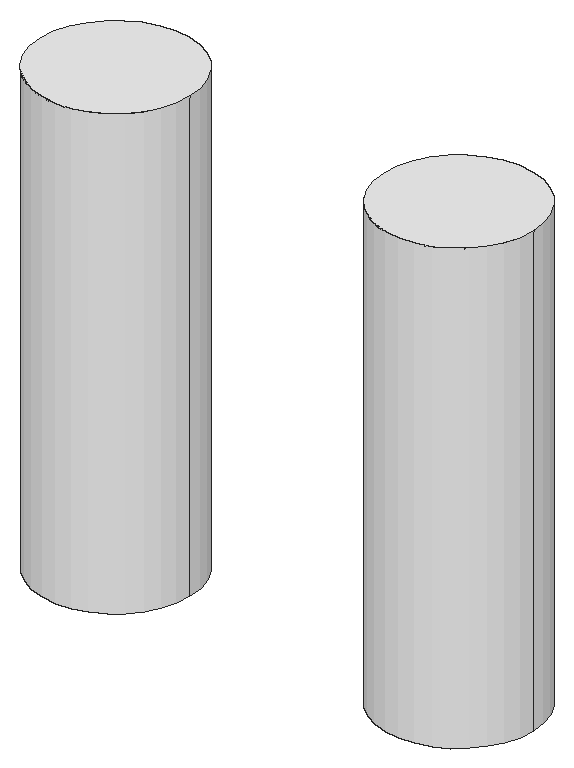
Revit family "090522830005(2022)", category Plumbing Fixtures, Revit 2020
Family settings
  Round Connector Dimension = Use Diameter
  Part Type = Normal
  OmniClass Number = 23.45.55.00
  OmniClass Title = Sanitary Faucets, Wastes
  Work Plane-Based = No
  Always vertical = Yes
  Cut with Voids When Loaded = No
  Shared = No
  Room Calculation Point = No
Parameters (values of type "090522830005 Washbasin faucet")
  Working Pressure = "50 - 1000 kPa"
  WarrantyStartDate [instance] = "n/a"
  WarrantyGuarantorParts = "n/a"
  WarrantyGuarantorLabor = "n/a"
  WarrantyDurationUnit = "Year"
  WarrantyDurationParts = "n/a"
  WarrantyDurationLabor = "n/a"
  WarrantyDescription = "http://warranty.hansa.com"
  Warranty Information URL = "http://warranty.hansa.com"
  VersionDate = "01/06/2023"
  Version = "1"
  ValvePattern = "n/a"
  ValveOperation = "n/a"
  ValveMechanism = "n/a"
  Uniclass2015Reference = "Pr_40_20_87_96"
  Uniclass2015Description = "Washbasin manual water supply sets"
  Uniclass2 = "Pr_40_30_96_96"
  URL UWL = "http://static.hansa.com/UWL/090522830005"
  URL REACH = "http://static.hansa.com/doc/reach"
  URL Materials Declaration = "http://www.hansa.com/fileadmin/resources/166358_090522830005_materialsdeclaration.pdf"
  URL KIWA = "http://static.hansa.com/Kiwa/090522830005"
  URL Environmental Product Declaration EPD = "http://www.hansa.com/fileadmin/resources/184523_EPD_Washbasin faucet.pdf"
  URL EcoLabel Declaration = "http://static.hansa.com/doc/EcoLabel"
  URL EU Packaging Declaration = "http://static.hansa.com/doc/packaging"
  URL Declaration of SCIP = "http://static.hansa.com/doc/SCIP"
  URL Declaration of Conformity = "http://static.hansa.com/DoC/090522830005"
  URL Declaration of Asbestos = "http://static.hansa.com/doc/asbestos"
  URL Declaration Of Performance (DOP) = "http://static.hansa.com/doc/DoP"
  URL DVGW = "http://static.hansa.com/DVGW/090522830005"
  URL = ""
  UNSPSC Class Number = "30181700 Faucets or taps"
  TestPressure = "n/a"
  Temperature Adjustments = "Limitation option for maximum temperature and flow-rate ;Adjustable hot water stop (included, retrofittable)"
  Technical DataSheet URL = "http://www.hansa.com/datasheet/090522830005/en"
  TagNumber [instance] = "n/a"
  SustainabilityPerformance = "n/a"
  Surface treatment = "Chrome"
  Spout Type = "Fixed spout"
  Spout Projection = "121 mm"
  Spare-Part Information URL = "http://static.hansa.com/sp/090522830005"
  Size = "50x155x145 mm"
  Shape = "Sculptured"
  SerialNumber [instance] = "n/a"
  Sales Package dimensions (LxWxH) = "380 x 180 x 74"
  Revision = "n/a"
  ReplacementCost = "n/a"
  ProductInformation = "n/a"
  Product URL = "http://static.hansa.com/090522830005"
  Product Image URL = "http://static.hansa.com/image/090522830005"
  Product Family = "HANSATWIST Eco"
  Product Code = "090522830005"
  OperatingMechanismMaterial = "n/a"
  NominalWidth = 48.471 mm
  NominalHeight = 142.775 mm
  NominalDepth = 156.697 mm
  Noise Class = "I (ISO 3822)"
  Name_en = "090522830005 Washbasin faucet"
  Name = "090522830005 Washbasin faucet"
  NBSReference = "45-35-70/371"
  NBSDescription = "Water supply fittings for wash basins and troughs"
  Mounting Holes = "1 hole"
  ModelReference = "090522830005"
  ModelNumber = "n/a"
  Model = "090522830005 Washbasin faucet"
  Mobile Product Information URL = "http://mpi.hansa.com/090522830005"
  Mechanical Parts = "ø 35 mm ceramic cartridge for flow and temperature control"
  Max. Hot Water Supply = 70 °C
  Material = "Brass"
  Market = "International;Germany;Austria;Belgium;Netherlands;Czech Republic;Slovakia;Italy"
  ManufacturerURL = "http://www.hansa.com"
  ManufacturerName = "HANSA"
  Manufacturer = "HANSA"
  Lever Handle = "Single operating lever/handle;Hot/Cold symbols"
  Keynote = ""
  Interactive AR View URL = "https://static.hansa.com/AR/090522830005"
  InstallationDate [instance] = "n/a"
  Installation and Maintenance Guide URL = "http://static.hansa.com/manual/090522830005"
  Installation Type = "Deck mounted"
  InletConnectionSize = 10 mm
  IfcExportType = "FAUCET"  # constant formula
  IfcExportAs = "IfcValveType"  # constant formula
  Group = "Washbasin faucet"
  Grade = "n/a"
  FlowCoefficient = 0
  Flow Rate At 300kPa With Flow Controller = 0.07 L/s
  Flow Drawing URL = "http://static.hansa.com/flowchart/090522830005"
  Finish = "Polished"
  Features = "Single-lever"
  FaucetMainMaterial = Brass
  FDV Document URL = "http://www.hansa.com/datasheet/090522830005/en/fdv"
  ExpectedLife = "n/a"
  Excluded Items = "Without pop-up waste;Without draw-rod opening"
  ETIM Class Number = "EC011328 Washbasin mixing tap"
  EN Standard = "EN 817"
  EAN Number = "4057304018305"
  DurationUnit = "Year"
  Dimension Drawing URL = "http://static.hansa.com/dimdrw/090522830005"
  Description = ""
  DefaultElevation [instance] = 900 mm
  Default Elevation = 0 mm
  Constituents = "n/a"
  Connection Size = "G3/8"
  Connection = "Flexible inlet pipes"
  Color = "Chrome"
  CodePerformance = "n/a"
  CloseOffRating = 0
  Catalog Drawing URL = "http://static.hansa.com/catdrw/090522830005"
  CO2 Emissions (D) = -5.13
  CO2 Emissions (C4) = 0.05
  CO2 Emissions (C3) = 0.01
  CO2 Emissions (C2) = 0.01
  CO2 Emissions (B7) = 1297.8
  CO2 Emissions (A4) = 0.2
  CO2 Emissions (A1-A3) = 7.22
  Brand = "HANSA"
  BodyMaterial = "Brass"
  Barcode [instance] = "n/a"
  Backflow Prevention EN1717 = "AA"
  BIMObjectName = "090522830005(2022)"
  Author = "BIMStone"
  AssetType = "Fixed"
  AssetIdentifier [instance] = "n/a"
  Approval KIWA = "K6116/08"
  Approval DVGW = "NW-6506CQ0410"
  Aerator = "PCA® - constant flow rate regardless of pressure variations"
  Advanced Features = "Inner body made of DZR brass;Rapid installation system"
  AccessibilityPerformance = "n/a"
  3D View = "https://static.hansa.com/AR/090522830005"
  2D/3D/BIM Files URL = "http://static.hansa.com/bim/090522830005"
Reference planes
  plane 1 "Center (Front/Back)": y = 0
  plane 2: z = 0
  plane 3 "Center (Left/Right)": x = 0
  plane 4: x = -24.236
  plane 5: z = 900
  plane 6: z = 870
  plane 7: y = -156.697
  plane 8: x = 24.236
  plane 9: z = 1042.775
Forms (mm)
  Extrusion 1, solid, material "Brass" <- "FaucetMainMaterial"
    sketch origin (0, -1.121, 0) x (1, 0, 0) y (0, 1, 0)
      loop
        circle (-11.5, -22.5) r 5
      loop
        circle (11.5, -22.5) r 5
    from 870 to 900
Dimensions and locks
  "DefaultElevation": plane 5 to level
  locked: plane 5 to plane 6 at 30
  "NominalDepth": plane 7 to plane 1 "Center (Front/Back)"
  equal spacing: plane 4, plane 3 "Center (Left/Right)", plane 8
  "NominalHeight": plane 9 to plane 5
  "NominalWidth": plane 4 to plane 8
  "InletConnectionSize": diameter of Extrusion 1 sketch curve  (x2)
  aligned and locked: level to plane 2
  aligned and locked: plane 5 to Extrusion 1
  aligned and locked: Extrusion 1 to plane 6
  aligned and locked: nested 2 to plane 5
Automatic sketch dimensions
  Extrusion 1 sketch curve to plane 3 "Center (Left/Right)" = 11.5 mm
  plane 3 "Center (Left/Right)" to Extrusion 1 sketch curve = 11.5 mm
  plane 1 "Center (Front/Back)" to Extrusion 1 sketch curve = 23.621 mm
  Extrusion 1 sketch curve to Extrusion 1 sketch curve = 0 mm
Nested families
  nested 1: "Symbol" at (0, 0, 0), type "Symbol", detail levels coarse
  nested 2: "090522830005(2022)_p" at (0, 0, 900), Material <- "FaucetMainMaterial", type "090522830005(2022)_p"
    with Material Brass
Connectors
  piping at (-11.5, -23.621, 870), diameter 10, driven by "InletConnectionSize"
    settings: on Extrusion 1, index 1, connector inside diameter 609.6 mm, connector length 0 mm, flow factor 0, pipe flow 0.0 L/s, pressure drop 0.0 Pa, fitting loss kfactor 0, connector angle 0.00°, fixture units 0, engagement length 0 mm, angle of deflection 0.00°, flow configuration 1, flow direction 1, fitting loss method 0, system type 19, joint type 0, gender type 0, connector reference index -1, connector utility 0, adjustable connector no, is connector primary yes, connector description ""
  piping at (11.5, -23.621, 870), diameter 10, driven by "InletConnectionSize"
    settings: on Extrusion 1, index 2, connector inside diameter 609.6 mm, connector length 0 mm, flow factor 0, pipe flow 0.0 L/s, pressure drop 0.0 Pa, fitting loss kfactor 0, connector angle 0.00°, fixture units 0, engagement length 0 mm, angle of deflection 0.00°, flow configuration 1, flow direction 1, fitting loss method 0, system type 20, joint type 0, gender type 0, connector reference index -1, connector utility 0, adjustable connector no, is connector primary no, connector description ""
Definition of nested family "Symbol"
  Reference planes
    plane 1: y = 0
    plane 2: x = 0
  Lines and regions (mm)
    detail lines
      curve 1: line (0, 0, 0) -> (0, -1.8, 0)
      curve 2: line (-0.4, -1.1, 0) -> (0.4, -1.1, 0)
      curve 3: line (-0.4, -1.4, 0) -> (0.4, -1.4, 0)
      curve 4: line (0.863, 0, 0) -> (-0.863, 0, 0)
      curve 5: circle (-1.163, 0, 0) r 0.3 normal (0, 0, -1)
      curve 6: circle (1.163, 0, 0) r 0.3 normal (0, 0, 1)
